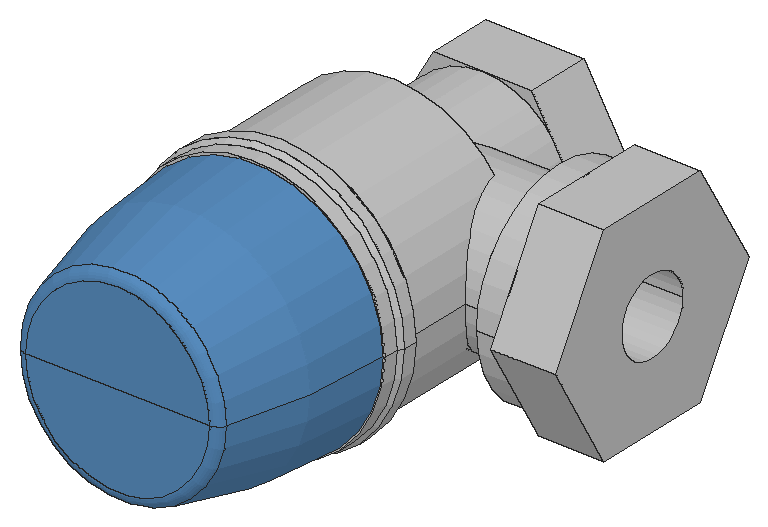
Revit family "Resideo_ThermostaticRadiatorValve_V2100Ezzz", category Pipe Accessories, Revit 2020
Family settings
  Round Connector Dimension = Use Radius
  Part Type = Valve - Breaks Into
  OmniClass Number = 23.65.55.00
  OmniClass Title = Distribution of Supplied Liquids/Gases
  Work Plane-Based = No
  Always vertical = Yes
  Cut with Voids When Loaded = No
  Shared = No
Parameters (values of type "V2100EPI10")
  pH-Range = "8 ... 9.5"
  d = 7.00 mm
  c = 15.00 mm
  b = 32.80 mm
  a = 22.00 mm
  _ObjectUserGuide = "https://www.bimstore.co/products/thermostatic-radiator-valve-v2100e/document/object-user-guide"
  _DistributedBy = "https://www.bimstore.co/"
  _CurrentRevision = 1
  _CreatedBy = "https://www.bimstore.co/"
  _BimSpecGuid = 0
  _BSBibleVersion = 16
  _AuthorizedBy = "bimstore"
  _Author = "AM"
  WarrantyStartDate [instance] = "Please record on commissioning"
  WarrantyGuarantorParts = "www.resideo.com/gb/en/contact-us/"
  WarrantyGuarantorLabor = "www.resideo.com/gb/en/contact-us/"
  WarrantyDurationUnit = "Year"
  WarrantyDurationParts = "0"
  WarrantyDurationLabor = "0"
  WarrantyDescription = "n/a"
  ValveType = "V2100E"
  ValveSeries = "V2100, Kombi-TRV"
  TypeName = "V2100EPI10"
  StrokeStandard = "2.5 mm"
  SpareParts = "n/a"
  Size = "51mm (L) x 68mm (H) x 35mm (D)"
  Shape = "n/a"
  SerialNumber [instance] = "Please record on commissioning"
  SecondaryMaterial = Resideo - Plastic - Blue
  ReplacementCost = "n/a"
  ReferencedStandard = "n/a"
  RadiatorConnection = "R 3/8\""
  ProductionYear = "2023"
  PrimaryMaterial = Resideo - Brass - Nickel Plated
  PreSetting = "Yes"
  PipeConnection = "Rp 3/8\""
  NominalPressure = "PN10"
  NominalLength = 51.00 mm
  NominalHeight = 68.00 mm
  NominalFlow = "120 kg/h"
  NominalDepth = 35.00 mm
  NBSReference = "90-10-90/364"
  NBSOfficeMasterTag = "n/a"
  NBSObjectName = "Resideo - Thermostatic radiator valves"
  NBSNote = "n/a"
  NBSDescription = "Thermostatic radiator valves"
  ModelReference = "PI-TRV BODY ANGLE"
  ModelNumber = "V2100EPI10"
  MinimumFlow = 0.17 L/min
  MediumType = "Water or water-glycol mixture according to VDI 2035"
  MediaTemperatureRange = "2 ... 90 °C"
  MaximumOperatingPressure = 10.0 bar
  MaximumFlow = 2.67 L/min
  MaximumAmbientRelativeHumidity = "75 % (non condensing)"
  Material = "Brass"
  ManufacturerName = "Resideo"
  InstallationDate [instance] = "Please record on commissioning"
  IfcExportType = "IfcValveTypeEnum.ISOLATING"
  IfcExportAs = "IfcValve"
  Grade = "n/a"
  Force = "90 Nm"
  FlowController = "Yes"
  Finish = "n/a"
  Features = "n/a"
  ExpectedLife = 0
  DurationUnit = "Year"
  DocumentationTechnical = "https://www.bimstore.co/products/thermostatic-radiator-valve-v2100e/document/technical-data-sheet"
  DocumentationMaintenance = "https://www.bimstore.co/products/thermostatic-radiator-valve-v2100e/document/maintenance-information"
  DocumentationLiterature = "https://www.bimstore.co/products/thermostatic-radiator-valve-v2100e/document/product-literature"
  DocumentationInstallationGuide = "https://www.bimstore.co/products/thermostatic-radiator-valve-v2100e/document/installation-guide"
  DocumentationCertificates = "https://www.bimstore.co/products/thermostatic-radiator-valve-v2100e/document/product-certificates"
  DifferentialPressure = "0.1 … 0.6 bar"
  Default Elevation = 0.00 mm
  DN20 = no
  DN15 = no
  DN10 = yes
  CreatedOn = "2023-09-15 T:09:00:00"
  CreatedBy = "www.resideo.com/gb/en/contact-us/"
  Constituents = "n/a"
  ConnectionType = "M30x1.5"
  ConnectionSize = 10.00 mm
  ConnectionRadius = ConnectionSize / 2  # 5.00 mm
  Color = "n/a"
  CodePerformance = "n/a"
  ClosingDimension = "11.5 mm"
  ClassificationValue = "Pr_65_54_95_89"
  ClassificationName = "Uniclass 2015"
  BodyOffset = 23.70 mm
  BarCode [instance] = "Please record on commissioning"
  BIMObjectName = "Resideo_ThermostaticRadiatorValve_V2100E"
  AssetType = "Fixed"
  AssetIdentifier [instance] = "Please record on commissioning"
  URL = "www.resideo.com"
  Type Comments = "PI-TRV BODY ANGLE"
  Model = "V2100EPI10"
  Manufacturer = "Resideo"
  Loss Method = K Coefficient
  Keynote = "S"
  K Coefficient = 0
  Description = "PI-TRV BODY ANGLE"
  Cost = 0
  Assembly Code = "D20"
  Approvals = "EN215"
  AmbientTemperature = "0 ... 40 °C"
  AccessibilityPerformance = "n/a"
Types (3, lengths in mm): name | d | c | b | a | TypeName | Size | RadiatorConnection | PipeConnection | NominalLength | NominalHeight | NominalDepth | ModelNumber | DN20 | DN15 | DN10 | ConnectionSize | ConnectionRadius | BodyOffset | Model
  V2100EPI10 | 7.00 | 15.00 | 32.80 | 22.00 | "V2100EPI10" | "51mm (L) x 68mm (H) x 35mm (D)" | "R 3/8\"" | "Rp 3/8\"" | 51.00 | 68.00 | 35.00 | "V2100EPI10" | no | no | yes | 10.00 | 5.00 | 23.70 | "V2100EPI10"
  V2100EPI15 | 10.00 | 20.00 | 35.30 | 26.00 | "V2100EPI15" | "53mm (L) x 74mm (H) x 35mm (D)" | "R 1/2\"" | "Rp 1/2\"" | 53.00 | 74.00 | 35.00 | "V2100EPI15" | no | yes | no | 15.00 | 7.50 | 25.20 | "V2100EPI15"
  V2100EPI20 | 13.00 | 25.00 | 40.40 | 29.00 | "V2100EPI20" | "59mm (L) x 73mm (H) x 43mm (D)" | "R 3/4\"" | "Rp 3/4\"" | 59.00 | 73.00 | 43.00 | "V2100EPI20" | yes | no | no | 20.00 | 10.00 | 21.70 | "V2100EPI20"
Reference planes
  plane 1 "Center (Front/Back)": y = 0
  plane 2: z = 0
  plane 3 "Center (Left/Right)": x = 0
Forms (mm)
  Revolve 1, solid, material "Resideo - Plastic - Blue" <- "SecondaryMaterial", detail levels medium+fine
    sketch origin (20, -23.7, 0) x (-1, 0, 0) y (0, -1, 0)
      loop
        line (20, 22) -> (20, 0) -> (36.75, 0)
        arc (36.75, 0) -> (35.915, 10.63) -> (33.35, 20.979) r 64.832
        arc (33.35, 20.979) -> (32.803, 21.718) -> (31.928, 22) r 1.5
        line (31.928, 22) -> (20, 22)
      axis (20, 0) -> (20, 22)
    angle from 0 to 360
  Revolve 2, solid, material "Resideo - Brass - Nickel Plated" <- "PrimaryMaterial", detail levels medium+fine
    sketch origin (20, -23.7, 0) x (-1, 0, 0) y (0, -1, 0)
      loop
        line (20, 0) -> (20, -30) -> (23.867, -30) -> (36.5, -22.706) -> (36.5, -5.45) -> (37.5, -4.45) -> (37.5, -2.715) -> (37, -2) -> (37, 0) -> (20, 0)
      axis (20, -30) -> (20, 0)
    angle from 0 to 360
  Revolve 3, solid, material "Resideo - Brass - Nickel Plated" <- "PrimaryMaterial", visible <- "DN10", detail levels medium+fine
    sketch origin (0, 0, 0) x (1, 0, 0) y (0, 1, 0)
      loop
        line (-11, 13.497) -> (-11, 0) -> (0, 0) -> (0, 13.497) -> (-11, 13.497)
      axis (0, 0) -> (0, 13.497)
    angle from 0 to 360
  Revolve 4, solid, material "Resideo - Brass - Nickel Plated" <- "PrimaryMaterial", visible <- "DN10", detail levels medium+fine
    sketch origin (0, 0, 0) x (1, 0, 0) y (0, 1, 0)
      loop
        line (0, 10) -> (0, 0) -> (24.3, 0) -> (24.3, 13.5) -> (20.805, 13.5) -> (20.805, 11.458) -> (19.535, 11.458) -> (18.693, 10) -> (0, 10)
      axis (0, 0) -> (24.3, 0)
    angle from 0 to 360
  Extrusion 5, solid, material "Resideo - Brass - Nickel Plated" <- "PrimaryMaterial", visible <- "DN10", detail levels medium+fine
    sketch origin (0, 0, 0) x (1, 0, 0) y (0, 0, 1)
      loop
        line (6.351, 11) -> (-6.351, 11) -> (-12.702, 0) -> (-6.351, -11) -> (6.351, -11) -> (12.702, 0) -> (6.351, 11)
      loop
        circle (0, 0) r 5
    from -22 to -13.497
  Extrusion 6, solid, material "Resideo - Brass - Nickel Plated" <- "PrimaryMaterial", visible <- "DN10", detail levels medium+fine
    sketch origin (0, 0, 0) x (0, 1, 0) y (0, 0, 1)
      loop
        line (-7.794, 13.5) -> (-15.588, 0) -> (-7.794, -13.5) -> (7.794, -13.5) -> (15.588, 0) -> (7.794, 13.5) -> (-7.794, 13.5)
      loop
        circle (0, 0) r 5
    from 24.3 to 32.8
  Revolve 7, solid, material "Resideo - Brass - Nickel Plated" <- "PrimaryMaterial", visible <- "DN15", detail levels medium+fine
    sketch origin (0, 0, 0) x (1, 0, 0) y (0, 1, 0)
      loop
        line (-12.109, 8.702) -> (-12.109, -6.298) -> (0, -6.298) -> (0, 13.779) -> (-13.003, 13.779) -> (-13.003, 9.596) -> (-12.109, 8.702)
      axis (0, -6.298) -> (0, 13.779)
    angle from 0 to 360
  Revolve 8, solid, material "Resideo - Brass - Nickel Plated" <- "PrimaryMaterial", visible <- "DN15", detail levels medium+fine
    sketch origin (0, 0, 0) x (1, 0, 0) y (0, 1, 0)
      loop
        line (21.3, 15) -> (21.3, 12.882) -> (19.922, 11.504) -> (0, 11.504) -> (0, 0) -> (25.3, 0) -> (25.3, 15) -> (21.3, 15)
      axis (25.3, 0) -> (0, 0)
    angle from 0 to 360
  Extrusion 9, solid, material "Resideo - Brass - Nickel Plated" <- "PrimaryMaterial", visible <- "DN15", detail levels medium+fine
    sketch origin (0, 0, 0) x (1, 0, 0) y (0, 0, 1)
      loop
        line (7.794, 13.5) -> (-7.794, 13.5) -> (-15.588, 0) -> (-7.794, -13.5) -> (7.794, -13.5) -> (15.588, 0) -> (7.794, 13.5)
      loop
        circle (0, 0) r 7.5
    from -26 to -13.779
  Extrusion 10, solid, material "Resideo - Brass - Nickel Plated" <- "PrimaryMaterial", visible <- "DN15", detail levels medium+fine
    sketch origin (0, 0, 0) x (0, 1, 0) y (0, 0, 1)
      loop
        line (0, 17.321) -> (-15, 8.66) -> (-15, -8.66) -> (0, -17.321) -> (15, -8.66) -> (15, 8.66) -> (0, 17.321)
      loop
        circle (0, 0) r 7.5
    from 25.3 to 35.3
  Revolve 11, solid, material "Resideo - Brass - Nickel Plated" <- "PrimaryMaterial", visible <- "DN20", detail levels medium+fine
    sketch origin (0, 0, 0) x (1, 0, 0) y (0, 1, 0)
      loop
        line (-14.507, 13.256) -> (-14.507, 0) -> (0, 0) -> (0, 13.256) -> (-14.507, 13.256)
      axis (0, 0) -> (0, 13.256)
    angle from 0 to 360
  Revolve 12, solid, material "Resideo - Brass - Nickel Plated" <- "PrimaryMaterial", visible <- "DN20", detail levels medium+fine
    sketch origin (0, 0, 0) x (1, 0, 0) y (0, 1, 0)
      loop
        line (22.064, 12.763) -> (0, 12.763) -> (0, 0) -> (28.944, 0) -> (28.944, 18.5) -> (24.944, 18.5) -> (24.944, 15.643) -> (22.064, 12.763)
      axis (0, 0) -> (28.944, 0)
    angle from 0 to 360
  Extrusion 13, solid, material "Resideo - Brass - Nickel Plated" <- "PrimaryMaterial", visible <- "DN20", detail levels medium+fine
    sketch origin (0, 0, 0) x (1, 0, 0) y (0, 0, 1)
      loop
        line (9.238, 16) -> (-9.238, 16) -> (-18.475, 0) -> (-9.238, -16) -> (9.238, -16) -> (18.475, 0) -> (9.238, 16)
      loop
        circle (0, 0) r 10
    from -29 to -13.256
  Extrusion 14, solid, material "Resideo - Brass - Nickel Plated" <- "PrimaryMaterial", visible <- "DN20", detail levels medium+fine
    sketch origin (0, 0, 0) x (0, 1, 0) y (0, 0, 1)
      loop
        line (-18.5, 10.681) -> (-18.5, -10.681) -> (0, -21.362) -> (18.5, -10.681) -> (18.5, 10.681) -> (0, 21.362) -> (-18.5, 10.681)
      loop
        circle (0, 0) r 10
    from 28.944 to 40.4
  Extrusion 15, solid, not visible, detail levels medium+fine
    sketch origin (0, 0, 0) x (1, 0, 0) y (0, 0, 1)
      loop
        circle (0, 0) r 2.5
    from 0 to -22
  Extrusion 16, solid, not visible, detail levels medium+fine
    sketch origin (0, 0, 0) x (0, -0.707107, -0.707107) y (0, 0.707107, -0.707107)
      loop
        circle (0, 0) r 2.5
    from 0 to 32.8
Cuts and joins
  joined: Revolve 7, Revolve 8
  joined: Revolve 11, Revolve 12
  joined: Revolve 3, Revolve 4
Lines and regions (mm)
  reference lines
    curve 1: line (20, -23.7, 0) -> (-20, -23.7, 0)
  model lines, detail levels coarse
    curve 2: line (10, 5, 0) -> (10, -5, 0)
    curve 3: line (-5, 10, 0) -> (5, 10, 0)
    curve 4: line (-5, 10, 0) -> (0, 0, 0)
    curve 5: line (5, 10, 0) -> (0, 0, 0)
    curve 6: line (10, 5, 0) -> (0, 0, 0)
    curve 7: line (10, -5, 0) -> (0, 0, 0)
    curve 8: line (0, 0, 0) -> (0, -15, 0)
    curve 9: line (-5, -15, 0) -> (5, -15, 0)
    curve 10: line (-5, -15, 0) -> (-5, -8, 0)
    curve 11: line (5, -15, 0) -> (5, -8, 0)
    curve 12: line (0, 10, 0) -> (0, 22, 0)
    curve 13: line (10, 0, 0) -> (32.8, 0, 0)
Dimensions and locks
  "BodyOffset": curve 1 to plane 1 "Center (Front/Back)"
  "a": plane 1 "Center (Front/Back)" to Extrusion 15
  "b": plane 3 "Center (Left/Right)" to Extrusion 16
  equal spacing: curve 3, plane 3 "Center (Left/Right)", curve 3
  "ConnectionSize": curve 3 to curve 3
  equal spacing: curve 2, plane 1 "Center (Front/Back)", curve 2
  "ConnectionSize": curve 2 to curve 2
  "ConnectionSize": plane 3 "Center (Left/Right)" to curve 2
  "ConnectionSize": plane 1 "Center (Front/Back)" to curve 3
  equal spacing: curve 9, plane 3 "Center (Left/Right)", curve 9
  "ConnectionSize": curve 9 to curve 9
  "c": curve 9 to plane 1 "Center (Front/Back)"
  "d": curve 9 to curve 10
  "d": curve 9 to curve 11
  "a": plane 1 "Center (Front/Back)" to curve 12
  "b": plane 3 "Center (Left/Right)" to curve 13
  aligned and locked: level to plane 2
  aligned and locked: level to Extrusion 15 sketch curve
  aligned and locked: plane 3 "Center (Left/Right)" to Extrusion 15 sketch curve
  aligned and locked: level to Extrusion 16 sketch curve
  aligned and locked: plane 1 "Center (Front/Back)" to Extrusion 16 sketch curve
  aligned and locked: plane 1 "Center (Front/Back)" to Extrusion 15
  aligned and locked: Extrusion 16 to plane 3 "Center (Left/Right)"
  aligned and locked: curve 9 to curve 8
  aligned and locked: curve 3 to curve 12
  aligned and locked: curve 2 to curve 13
  aligned and locked: plane 1 "Center (Front/Back)" to curve 13
  aligned and locked: plane 3 "Center (Left/Right)" to curve 12
Automatic sketch dimensions
  Revolve 2 sketch curve to curve 1 = 0.00 mm  (x2)
  curve 1 to Revolve 2 sketch curve = 20.00 mm
  Revolve 2 sketch curve to Revolve 2 sketch curve = 3.867 mm
  Revolve 2 sketch curve to curve 1 = 3.50 mm
  Revolve 2 sketch curve to curve 1 = 3.00 mm
  Revolve 2 sketch curve to Revolve 2 sketch curve = 0.50 mm
  Revolve 2 sketch curve to Revolve 2 sketch curve = 2.00 mm
  Revolve 2 sketch curve to Revolve 2 sketch curve = 0.715 mm
  Revolve 2 sketch curve to Revolve 2 sketch curve = 1.735 mm
  Revolve 2 sketch curve to Revolve 2 sketch curve = 1.00 mm
  Revolve 2 sketch curve to curve 1 = 22.706 mm
  Revolve 2 sketch curve to Revolve 2 sketch curve = 7.294 mm
  Revolve 2 sketch curve to Revolve 2 sketch curve = 0.00 mm
  curve 1 to Revolve 2 sketch curve = 25.00 mm
  plane 1 "Center (Front/Back)" to Revolve 3 sketch curve = 0.00 mm
  Revolve 3 sketch curve to plane 3 "Center (Left/Right)" = 0.00 mm  (x2)
  Revolve 3 sketch curve to plane 3 "Center (Left/Right)" = 11.00 mm
  Revolve 3 sketch curve to plane 1 "Center (Front/Back)" = 13.497 mm
  Revolve 3 sketch curve to Revolve 3 sketch curve = 0.00 mm
  Revolve 3 sketch curve to Revolve 3 sketch curve = 10.00 mm
  plane 1 "Center (Front/Back)" to Revolve 4 sketch curve = 0.00 mm  (x2)
  Revolve 4 sketch curve to plane 3 "Center (Left/Right)" = 0.00 mm
  plane 3 "Center (Left/Right)" to Revolve 4 sketch curve = 18.693 mm
  Revolve 4 sketch curve to Revolve 4 sketch curve = 0.842 mm
  Revolve 4 sketch curve to Revolve 4 sketch curve = 1.27 mm
  Revolve 4 sketch curve to Revolve 4 sketch curve = 3.495 mm
  Revolve 4 sketch curve to plane 1 "Center (Front/Back)" = 10.00 mm
  Revolve 4 sketch curve to Revolve 4 sketch curve = 1.458 mm
  Revolve 4 sketch curve to Revolve 4 sketch curve = 2.042 mm
  Revolve 4 sketch curve to Revolve 4 sketch curve = 0.00 mm
  Revolve 4 sketch curve to Revolve 4 sketch curve = 26.412 mm
  Extrusion 5 sketch curve to level = 0.00 mm  (x3)
  Extrusion 5 sketch curve to plane 3 "Center (Left/Right)" = 0.00 mm
  Extrusion 5 sketch curve to plane 3 "Center (Left/Right)" = 6.351 mm  (x2)
  Extrusion 5 sketch curve to Extrusion 5 sketch curve = 6.351 mm  (x2)
  plane 3 "Center (Left/Right)" to Extrusion 5 sketch curve = 6.351 mm  (x2)
  Extrusion 5 sketch curve to level = 11.00 mm
  level to Extrusion 5 sketch curve = 11.00 mm
  Extrusion 6 sketch curve to level = 0.00 mm  (x3)
  Extrusion 6 sketch curve to plane 1 "Center (Front/Back)" = 0.00 mm
  plane 1 "Center (Front/Back)" to Extrusion 6 sketch curve = 7.794 mm  (x2)
  Extrusion 6 sketch curve to Extrusion 6 sketch curve = 7.794 mm  (x2)
  Extrusion 6 sketch curve to plane 1 "Center (Front/Back)" = 7.794 mm  (x2)
  Extrusion 6 sketch curve to level = 13.50 mm
  level to Extrusion 6 sketch curve = 13.50 mm
  Revolve 7 sketch curve to plane 3 "Center (Left/Right)" = 0.00 mm  (x2)
  Revolve 7 sketch curve to plane 3 "Center (Left/Right)" = 12.109 mm
  Revolve 7 sketch curve to Revolve 7 sketch curve = 0.894 mm  (x2)
  plane 1 "Center (Front/Back)" to Revolve 7 sketch curve = 6.298 mm
  Revolve 7 sketch curve to plane 1 "Center (Front/Back)" = 8.702 mm
  Revolve 7 sketch curve to Revolve 7 sketch curve = 5.077 mm
  Revolve 7 sketch curve to Revolve 7 sketch curve = 0.00 mm
  Revolve 7 sketch curve to Revolve 7 sketch curve = 12.221 mm
  plane 1 "Center (Front/Back)" to Revolve 8 sketch curve = 0.00 mm  (x2)
  Revolve 8 sketch curve to plane 3 "Center (Left/Right)" = 0.00 mm  (x2)
  plane 3 "Center (Left/Right)" to Revolve 8 sketch curve = 19.922 mm
  Revolve 8 sketch curve to Revolve 8 sketch curve = 1.378 mm  (x2)
  Revolve 8 sketch curve to Revolve 8 sketch curve = 4.00 mm
  Revolve 8 sketch curve to plane 1 "Center (Front/Back)" = 11.504 mm
  Revolve 8 sketch curve to Revolve 8 sketch curve = 2.118 mm
  Revolve 8 sketch curve to Revolve 8 sketch curve = 15.00 mm
  Extrusion 9 sketch curve to level = 0.00 mm  (x3)
  Extrusion 9 sketch curve to plane 3 "Center (Left/Right)" = 0.00 mm
  Extrusion 9 sketch curve to plane 3 "Center (Left/Right)" = 7.794 mm  (x2)
  Extrusion 9 sketch curve to Extrusion 9 sketch curve = 7.794 mm  (x2)
  plane 3 "Center (Left/Right)" to Extrusion 9 sketch curve = 7.794 mm  (x2)
  Extrusion 9 sketch curve to level = 13.50 mm
  level to Extrusion 9 sketch curve = 13.50 mm
  Extrusion 10 sketch curve to plane 1 "Center (Front/Back)" = 0.00 mm  (x3)
  Extrusion 10 sketch curve to level = 0.00 mm
  plane 1 "Center (Front/Back)" to Extrusion 10 sketch curve = 15.00 mm
  Extrusion 10 sketch curve to plane 1 "Center (Front/Back)" = 15.00 mm
  Extrusion 10 sketch curve to level = 8.66 mm  (x2)
  Extrusion 10 sketch curve to Extrusion 10 sketch curve = 8.66 mm  (x2)
  level to Extrusion 10 sketch curve = 8.66 mm  (x2)
  plane 1 "Center (Front/Back)" to Revolve 11 sketch curve = 0.00 mm
  Revolve 11 sketch curve to plane 3 "Center (Left/Right)" = 0.00 mm  (x2)
  Revolve 11 sketch curve to Revolve 11 sketch curve = 14.507 mm
  Revolve 11 sketch curve to plane 1 "Center (Front/Back)" = 13.256 mm
  Revolve 11 sketch curve to Revolve 11 sketch curve = 0.00 mm
  Revolve 11 sketch curve to Revolve 11 sketch curve = 10.00 mm
  Revolve 12 sketch curve to plane 3 "Center (Left/Right)" = 0.00 mm
  plane 1 "Center (Front/Back)" to Revolve 12 sketch curve = 0.00 mm  (x2)
  plane 3 "Center (Left/Right)" to Revolve 12 sketch curve = 24.944 mm
  Revolve 12 sketch curve to Revolve 12 sketch curve = 4.00 mm
  Revolve 12 sketch curve to Revolve 12 sketch curve = 12.763 mm
  Revolve 12 sketch curve to Revolve 12 sketch curve = 2.88 mm  (x2)
  Revolve 12 sketch curve to Revolve 12 sketch curve = 2.857 mm
  Revolve 12 sketch curve to Revolve 12 sketch curve = 0.00 mm
  Revolve 12 sketch curve to Revolve 12 sketch curve = 6.615 mm
  Extrusion 13 sketch curve to level = 0.00 mm  (x3)
  Extrusion 13 sketch curve to plane 3 "Center (Left/Right)" = 0.00 mm
  Extrusion 13 sketch curve to plane 3 "Center (Left/Right)" = 9.238 mm  (x2)
  Extrusion 13 sketch curve to Extrusion 13 sketch curve = 9.238 mm  (x2)
  plane 3 "Center (Left/Right)" to Extrusion 13 sketch curve = 9.238 mm  (x2)
  Extrusion 13 sketch curve to level = 16.00 mm
  level to Extrusion 13 sketch curve = 16.00 mm
  Extrusion 14 sketch curve to plane 1 "Center (Front/Back)" = 0.00 mm  (x3)
  Extrusion 14 sketch curve to level = 0.00 mm
  plane 1 "Center (Front/Back)" to Extrusion 14 sketch curve = 18.50 mm
  Extrusion 14 sketch curve to plane 1 "Center (Front/Back)" = 18.50 mm
  Extrusion 14 sketch curve to level = 10.681 mm  (x2)
  Extrusion 14 sketch curve to level = 21.362 mm
  level to Extrusion 14 sketch curve = 10.681 mm  (x2)
  level to Extrusion 14 sketch curve = 21.362 mm
  Revolve 1 sketch curve to curve 1 = 0.00 mm
  Revolve 1 sketch curve to curve 1 = 0.257 mm
  Revolve 1 sketch curve to curve 1 = 28.082 mm
  curve 1 to Revolve 1 sketch curve = 20.00 mm
  Revolve 1 sketch curve to curve 1 = 8.072 mm
  Revolve 1 sketch curve to curve 1 = 3.25 mm
  curve 1 to Revolve 1 sketch curve = 20.50 mm
  Revolve 1 sketch curve to Revolve 1 sketch curve = 1.50 mm
  Revolve 1 sketch curve to Revolve 1 sketch curve = 0.00 mm  (x2)
  Revolve 1 sketch curve to Revolve 1 sketch curve = 10.00 mm
  plane 1 "Center (Front/Back)" to curve 5 = 0.00 mm
  curve 5 to plane 3 "Center (Left/Right)" = 0.00 mm
  curve 1 to plane 3 "Center (Left/Right)" = 20.00 mm
  plane 3 "Center (Left/Right)" to curve 1 = 20.00 mm
  radius of Extrusion 5 sketch curve = 5.00 mm
  radius of Extrusion 6 sketch curve = 5.00 mm
  radius of Extrusion 9 sketch curve = 7.50 mm
  radius of Extrusion 10 sketch curve = 7.50 mm
  radius of Extrusion 13 sketch curve = 10.00 mm
  radius of Extrusion 14 sketch curve = 10.00 mm
  radius of Extrusion 15 sketch curve = 2.50 mm
  radius of Extrusion 16 sketch curve = 2.50 mm
Connectors
  piping at (0, 22, 0), diameter 10, driven by "ConnectionRadius"
    settings: on Extrusion 15, index 1, connector inside diameter 609.6 mm, connector length 0.00 mm, flow factor 0, pipe flow 0.0 L/min, pressure drop 0.0 bar, fitting loss kfactor 0, connector angle 0.00°, fixture units 0, engagement length 0.00 mm, angle of deflection 0.00°, flow configuration 0, flow direction 1, fitting loss method 0, system type 29, joint type 0, gender type 0, connector reference index 2, connector utility 0, adjustable connector no, is connector primary yes, connector description ""
  piping at (32.8, 0, 0), diameter 10, driven by "ConnectionRadius"
    settings: on Extrusion 16, index 2, connector inside diameter 609.6 mm, connector length 0.00 mm, flow factor 0, pipe flow 0.0 L/min, pressure drop 0.0 bar, fitting loss kfactor 0, connector angle 0.00°, fixture units 0, engagement length 0.00 mm, angle of deflection 0.00°, flow configuration 0, flow direction 2, fitting loss method 0, system type 29, joint type 0, gender type 0, connector reference index 1, connector utility 0, adjustable connector no, is connector primary no, connector description ""
